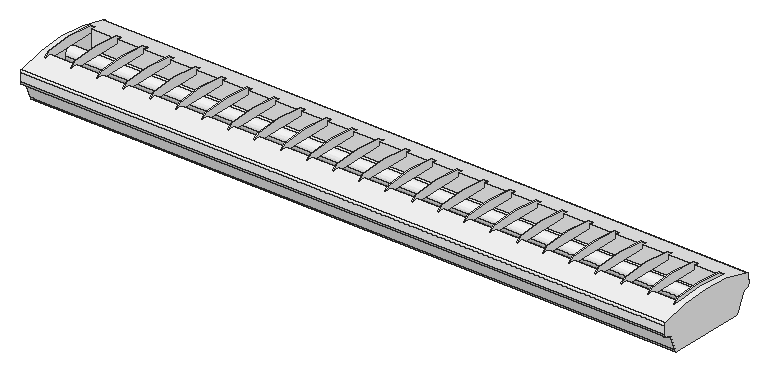
Revit family "0051680 Feilo Sylvania Lighting Fixture SYLMASTER T8 LED 1200 SO 4K Surface Mounted ", category Lighting Fixtures, host Face, Revit 2017
Family settings
  Host = Face
  Round Connector Dimension = Use Diameter
  Part Type = Normal
  OmniClass Number = 23.80.70.00
  OmniClass Title = Lighting
  Cut with Voids When Loaded = No
  Light Source = Yes
  Shared = No
  Room Calculation Point = No
Parameters (values of type "0051680 SYLMASTER T8 LED 1200 SO 4K")
  WidthVoid_FEILO = 100 mm
  Weight = "4.0 kg"
  Wattage Comments = ""
  Wattage = 20 W
  WarrantyStartDate [instance] = "n/a"
  WarrantyGuarantorParts = "n/a"
  WarrantyDurationUnit = "n/a"
  WarrantyDurationParts = "n/a"
  WarrantyDescription = "n/a"
  built-in parameter 1150110 = 1 (stored number, unit not read)
  Voltage = 230 V
  URL = "http://www.sylvania-lighting.com"
  TypeName = "SYLMASTER T8 LED 1200 SO 4K"
  Type Image = <None>
  Type Comments = "n/a"
  Twin_FEILO = not(Single_FEILO)  # no
  built-in parameter 1114217 = 1 (stored number, unit not read)
  Tilt Angle = -90.00°
  built-in parameter 1150109 = 1 (stored number, unit not read)
  built-in parameter 1150134 = 12
  built-in parameter 1150113 = 1 (stored number, unit not read)
  Single_FEILO = yes
  SerialNumber [instance] = "n/a"
  ReflectorSpacing_FEILO = (Length_FEILO - 30 mm) / (Array_FEILO - 1)  # 50.833 mm
  RadiusTube_FEILO = 12.7 mm
  Photometric Web File = "0051680.ies"
  Material_3_FEILO = none
  PowerFactor = 0.9
  PowerConsumption = "20 W"
  NominalLength = 1250 mm
  NominalHeight = 85 mm
  NominalDepth = 202 mm
  Name = "SYLMASTER T8 LED 1200 SO 4K"
  ModelReference = Name  # "SYLMASTER T8 LED 1200 SO 4K"
  ModelNumber = "0051680"
  Model = Name  # "SYLMASTER T8 LED 1200 SO 4K"
  Material = "steel housing"
  ManufacturerName = "Feilo Sylvania"
  Manufacturer = "Feilo Sylvania"
  LuminousEfficacy = "76 lm/W"
  built-in parameter 1150105 = 633.2 (stored number, unit not read)
  Lumens = 1520 lm
  LuminaireType = ""
  built-in parameter 1150115 = 1 (stored number, unit not read)
  LightOutputRatio = "71"
  built-in parameter 1150137 = (empty or 0)
  built-in parameter 1150139 = (empty or 0)
  Length_FEILO = 1250 mm
  LampsType = Lamp  # "LED"
  LampNominalLuminous = "1520 lm"
  LampMacAdamStep = "6"
  LampColourTemperature = "4000 K"
  LampColourRenderingIndex = "80"
  built-in parameter 1150112 = 1 (stored number, unit not read)
  built-in parameter 1150114 = 1 (stored number, unit not read)
  Lamp = "LED"
  Keynote = "16500"
  InstallationDate [instance] = "n/a"
  InputVoltage = "220-240V~"
  InputNominalFrequency = "50/60 Hz"
  built-in parameter 1150132 = (empty or 0)
  built-in parameter 1150102 = (empty or 0)
  built-in parameter 1150107 = 4000 (stored number, unit not read)
  built-in parameter 1150138 = (empty or 0)
  IngressProtection = "IP20"
  ImpactProtectionIndex = "IK02"
  built-in parameter 1150106 = 6.332 (stored number, unit not read)
  IfcExportType = "IfcLightFixtureType"
  IfcExportAs = "IfcLightFixtureType"
  ExpectedLife = 50000
  Emit from Rectangle Width = WidthVoid_FEILO  # 100 mm
  Emit from Rectangle Length = Length_FEILO - 30 mm  # 1220 mm
  Emit Shape Visible in Rendering = no
  ElectricShockClassification = "Class I"
  built-in parameter 1150104 = 7.0606 (stored number, unit not read)
  DurationUnit = "hours"
  DocumentationLiterature = "http://www.sylvania-lighting.com/product/en-int/products/0051680"
  DimmingControlOptions = "Non dimmable"
  Material_2_FEILO = LEDTube-Sylvania-Sylmaster
  Dimming Lamp Color Temperature Shift = <None>
  Description = "SYLMASTER T8 LED 1200 SO 4K is a surface mount / pendant luminaire supplied with ToLEDo T8 20W 840 LED Tube."
  Default Elevation = 1219.2 mm
  CreatedOn = "2/19/2018"
  CreatedBy = ""
  Cost = 0
  Color Filter = 16777215
  built-in parameter 1114216 [instance] = (empty or 0)
  ClassificationValue = "EF_70_80"
  ClassificationName = "Uniclass2015"
  Material_1_FEILO = Body-Sylvania-Sylmaster-White
  BarCode [instance] = "n/a"
  built-in parameter 1114218 = 1 (stored number, unit not read)
  built-in parameter 1150133 = 10 (stored number, unit not read)
  AssetType = "Fixed"
  AssetIdentifier [instance] = "n/a"
  Assembly Code = "D5020200"
  Array_FEILO = if(Length_FEILO = 1250 mm, 25, 35)  # 25
  Apparent Load = 20 VA
  Material_4_FEILO = none
Reference planes
  plane 1 "Center (Front/Back)": y = 0
  plane 2: z = 0
  plane 3 "Center (Left/Right)": x = 0
  plane 4: y = 101
  plane 5: y = -101
  plane 6: z = 0
  plane 7: z = 85
  plane 8: z = 61
  plane 9: z = 45
  plane 10: z = 7
  plane 11: z = 68
  plane 12: y = -89
  plane 13: y = -75
  plane 14: y = -30
  plane 15: y = 30
  plane 16: y = 89
  plane 17: y = 75
  plane 18: z = 42
  plane 19: x = -625
  plane 20: x = 625
  plane 21: x = -500
  plane 22: x = 500
  plane 23: y = -23
  plane 24: y = 23
  plane 25: x = -480
  plane 26: x = -520
  plane 27: x = 480
  plane 28: x = 520
  plane 29: x = -513
  plane 30: x = -487
  plane 31: x = 487
  plane 32: x = 513
  plane 33: y = 50
  plane 34: y = -50
  plane 35: x = 610
  plane 36: x = -610
  plane 37: y = 33
  plane 38: z = 44.6
  plane 39: x = -559.167
  plane 40: z = 22
  plane 41: z = -22
Forms (mm)
  Extrusion 1, solid, material "Body-Sylvania-Sylmaster-White" <- "Material_1_FEILO", detail levels medium+fine
    sketch origin (0, 0, 0) x (0, 1, 0) y (0, 0, 1)
      loop
        arc (-98.274, 68.93) -> (-100.248, 67.473) -> (-101, 65.138) r 4
        line (-101, 65.138) -> (-101, 48.904)
        arc (-101, 48.904) -> (-99.941, 45.827) -> (-97.213, 44.053) r 5
        line (-97.213, 44.053) -> (-93.96, 43.24)
        arc (-93.96, 43.24) -> (-89.81, 41.072) -> (-87.101, 37.253) r 10
        line (-87.101, 37.253) -> (-76.76, 11.4)
        arc (-76.76, 11.4) -> (-74.185, 8.204) -> (-70.261, 7) r 7
        line (-70.261, 7) -> (70.261, 7)
        arc (70.261, 7) -> (74.185, 8.204) -> (76.76, 11.4) r 7
        line (76.76, 11.4) -> (87.101, 37.253)
        arc (87.101, 37.253) -> (89.81, 41.072) -> (93.96, 43.24) r 10
        line (93.96, 43.24) -> (97.213, 44.053)
        arc (97.213, 44.053) -> (99.941, 45.827) -> (101, 48.904) r 5
        line (101, 48.904) -> (101, 65.138)
        arc (101, 65.138) -> (100.248, 67.473) -> (98.274, 68.93) r 4
        arc (98.274, 68.93) -> (0, 85) -> (-98.274, 68.93) r 308.529
    from -625 to 625
  Blend 2, solid, material "Body-Sylvania-Sylmaster-White" <- "Material_1_FEILO"
    base sketch origin (0, 1219.2, 7) x (1, 0, 0) y (0, 1, 0)
      loop
        line (-520, -1189.2) -> (-520, -1249.2) -> (-480, -1249.2) -> (-480, -1189.2) -> (-520, -1189.2)
    top sketch origin (0, 1219.2, 7) x (1, 0, 0) y (0, 1, 0)
      loop
        line (-513, -1196.2) -> (-513, -1242.2) -> (-487, -1242.2) -> (-487, -1196.2) -> (-513, -1196.2)
    from 0 to -7
  Blend 3, solid, material "Body-Sylvania-Sylmaster-White" <- "Material_1_FEILO"
    base sketch origin (0, 1219.2, 7) x (1, 0, 0) y (0, 1, 0)
      loop
        line (480, -1189.2) -> (480, -1249.2) -> (520, -1249.2) -> (520, -1189.2) -> (480, -1189.2)
    top sketch origin (0, 1219.2, 7) x (1, 0, 0) y (0, 1, 0)
      loop
        line (487, -1196.2) -> (487, -1242.2) -> (513, -1242.2) -> (513, -1196.2) -> (487, -1196.2)
    from 0 to -7
  Extrusion 4, void
    sketch origin (0, 0, 0) x (0, 1, 0) y (0, 0, 1)
      loop
        line (-50, 85) -> (-50, 45) -> (50, 45) -> (50, 85) -> (-50, 85)
    from -610 to 610
  Extrusion 5, solid, material "LEDTube-Sylvania-Sylmaster" <- "Material_2_FEILO", visible <- "Single_FEILO", detail levels medium+fine
    sketch origin (0, 0, 0) x (0, 1, 0) y (0, 0, 1)
      loop
        circle (0, 61) r 12.7
    from -610 to 610
  Extrusion 6, solid, material "LEDTube-Sylvania-Sylmaster" <- "Material_2_FEILO", visible <- "Twin_FEILO", detail levels medium+fine
    sketch origin (0, 0, 0) x (0, 1, 0) y (0, 0, 1)
      loop
        circle (-23, 61) r 12.7
      loop
        circle (23, 61) r 12.7
    from -610 to 610
  Extrusion 7, solid, material "Body-Sylvania-Sylmaster-White" <- "Material_1_FEILO", detail levels coarse
    sketch origin (0, 0, 0) x (0, 1, 0) y (0, 0, 1)
      loop
        arc (-98.274, 68.93) -> (-100.248, 67.473) -> (-101, 65.138) r 4
        line (-101, 65.138) -> (-101, 48.904)
        arc (-101, 48.904) -> (-99.941, 45.827) -> (-97.213, 44.053) r 5
        line (-97.213, 44.053) -> (-93.96, 43.24)
        arc (-93.96, 43.24) -> (-89.81, 41.072) -> (-87.101, 37.253) r 10
        line (-87.101, 37.253) -> (-76.76, 11.4)
        arc (-76.76, 11.4) -> (-74.185, 8.204) -> (-70.261, 7) r 7
        line (-70.261, 7) -> (70.261, 7)
        arc (70.261, 7) -> (74.185, 8.204) -> (76.76, 11.4) r 7
        line (76.76, 11.4) -> (87.101, 37.253)
        arc (87.101, 37.253) -> (89.81, 41.072) -> (93.96, 43.24) r 10
        line (93.96, 43.24) -> (97.213, 44.053)
        arc (97.213, 44.053) -> (99.941, 45.827) -> (101, 48.904) r 5
        line (101, 48.904) -> (101, 65.138)
        arc (101, 65.138) -> (100.248, 67.473) -> (98.274, 68.93) r 4
        arc (98.274, 68.93) -> (0, 85) -> (-98.274, 68.93) r 308.529
    from -625 to 625
Cuts and joins
  Extrusion 4 cuts Extrusion 1
Lines and regions (mm)
  reference lines
    curve 1: line (0, -101, 45) -> (0, -89, 42)
    curve 2: line (0, -89, 42) -> (0, -75, 7)
    curve 3: line (0, 101, 45) -> (0, 89, 42)
    curve 4: line (0, 89, 42) -> (0, 75, 7)
Dimensions and locks
  equal spacing: plane 5, plane 1 "Center (Front/Back)", plane 4
  locked: plane 5 to plane 4 at 202
  locked: plane 6 to plane 7 at 85
  plane 8 to plane 7 = 24 mm
  locked: plane 9 to plane 7 at 40
  locked: plane 6 to plane 10 at 7
  locked: plane 8 to plane 11 at 7
  equal spacing: plane 13, plane 1 "Center (Front/Back)", plane 17
  equal spacing: plane 14, plane 1 "Center (Front/Back)", plane 15
  equal spacing: plane 12, plane 1 "Center (Front/Back)", plane 16
  locked: plane 13 to plane 17 at 150
  locked: plane 12 to plane 16 at 178
  locked: plane 18 to plane 9 at 3
  locked: Extrusion 1 sketch curve to plane 7 at 308.529
  Extrusion 1 sketch curve to plane 1 "Center (Front/Back)" to Extrusion 1 sketch curve = 97 mm locked, 97 mm locked
  Extrusion 1 sketch curve to plane 1 "Center (Front/Back)" to Extrusion 1 sketch curve = 96 mm locked, 96 mm locked
  equal spacing: plane 19, plane 3 "Center (Left/Right)", plane 20
  "Length_FEILO": plane 19 to plane 20
  Extrusion 1 sketch curve to plane 1 "Center (Front/Back)" to Extrusion 1 sketch curve = 70.261 mm locked, 70.261 mm locked
  Extrusion 1 sketch curve to plane 1 "Center (Front/Back)" to Extrusion 1 sketch curve = 96.386 mm locked, 96.386 mm locked
  Extrusion 1 sketch curve to Extrusion 1 sketch curve to Extrusion 1 sketch curve to Extrusion 1 sketch curve to plane 7 = 19.539 mm locked, 15.365 mm locked, 16.235 mm locked, 19.862 mm locked  (x2)
  equal spacing: plane 21, plane 3 "Center (Left/Right)", plane 22
  locked: plane 21 to plane 22 at 1000
  equal spacing: plane 23, plane 1 "Center (Front/Back)", plane 24
  locked: plane 14 to plane 23 at 7
  locked: plane 14 to plane 1 "Center (Front/Back)" at 30
  equal spacing: plane 26, plane 21, plane 25, locked at 20 each
  equal spacing: plane 27, plane 22, plane 28, locked at 20 each
  locked: plane 26 to plane 21 at 20
  locked: plane 27 to plane 22 at 20
  equal spacing: plane 29, plane 21, plane 30
  locked: plane 26 to plane 29 at 7
  equal spacing: plane 31, plane 22, plane 32
  locked: plane 27 to plane 31 at 7
  equal spacing: plane 36, plane 3 "Center (Left/Right)", plane 35
  locked: plane 19 to plane 36 at 15
  plane 1 "Center (Front/Back)" to plane 37 = 33 mm
  equal spacing: plane 34, plane 1 "Center (Front/Back)", plane 33
  "WidthVoid_FEILO": plane 34 to plane 33
  locked: plane 38 to plane 7 at 40.4
  "ReflectorSpacing_FEILO": plane 36 to plane 39
  equal spacing: group 1, group 2, group 3, group 4, group 5, group 6, group 7, group 8, group 9, group 10, group 11, group 12, group 13, group 14, group 15, group 16, group 17, group 18, group 19, group 20, group 21, group 22, group 23, group 24, group 25  (x3)
  locked: plane 6 to plane 41 at 22
  locked: plane 40 to host face at 22
  "RadiusTube_FEILO": radius of Extrusion 5 sketch curve
  aligned and locked: plane 2 to host face
  aligned and locked: level to host face
  aligned and locked: plane 5 to curve 1
  aligned and locked: plane 12 to curve 1
  aligned and locked: plane 13 to curve 2
  aligned and locked: plane 4 to curve 3
  aligned and locked: plane 16 to curve 3
  aligned and locked: plane 17 to curve 4
  aligned and locked: plane 5 to Extrusion 1 sketch curve
  aligned and locked: curve 2 to Extrusion 1 sketch curve
  aligned and locked: plane 1 "Center (Front/Back)" to Extrusion 1 sketch curve
  aligned and locked: plane 20 to Extrusion 1
  aligned and locked: Extrusion 1 to plane 19
  aligned and locked: Extrusion 1 sketch curve to curve 3
  aligned and locked: curve 1 to Extrusion 1 sketch curve
  aligned and locked: Extrusion 1 sketch curve to curve 4
  aligned and locked: plane 15 to Blend 2 sketch curve
  aligned and locked: plane 26 to Blend 2 sketch curve
  aligned and locked: Blend 2 sketch curve to plane 14
  aligned and locked: Blend 2 sketch curve to plane 25
  aligned and locked: plane 24 to Blend 2 sketch curve
  aligned and locked: plane 29 to Blend 2 sketch curve
  aligned and locked: Blend 2 sketch curve to plane 23
  aligned and locked: Blend 2 sketch curve to plane 30
  aligned and locked: plane 6 to Blend 2
  aligned and locked: Blend 2 to plane 10
  aligned and locked: plane 15 to Blend 3 sketch curve
  aligned and locked: plane 27 to Blend 3 sketch curve
  aligned and locked: Blend 3 sketch curve to plane 14
  aligned and locked: Blend 3 sketch curve to plane 28
  aligned and locked: plane 24 to Blend 3 sketch curve
  aligned and locked: plane 31 to Blend 3 sketch curve
  aligned and locked: Blend 3 sketch curve to plane 23
  aligned and locked: Blend 3 sketch curve to plane 32
  aligned and locked: Blend 3 to plane 10
  aligned and locked: plane 6 to Blend 3
  aligned and locked: plane 7 to Extrusion 4 sketch curve
  aligned and locked: Extrusion 4 sketch curve to plane 34
  aligned and locked: Extrusion 4 sketch curve to plane 9
  aligned and locked: plane 33 to Extrusion 4 sketch curve
  aligned and locked: plane 35 to Extrusion 4
  aligned and locked: Extrusion 4 to plane 36
  aligned and locked: plane 1 "Center (Front/Back)" to nested 1
  aligned and locked: plane 36 to nested 1
  aligned and locked: plane 39 to nested 2
  aligned and locked: plane 1 "Center (Front/Back)" to Extrusion 5 sketch curve
  aligned and locked: plane 8 to Extrusion 5 sketch curve
  aligned and locked: plane 35 to Extrusion 5
  aligned and locked: Extrusion 5 to plane 36
  aligned and locked: plane 23 to Extrusion 6 sketch curve
  aligned and locked: plane 8 to Extrusion 6 sketch curve  (x2)
  aligned and locked: plane 24 to Extrusion 6 sketch curve
  aligned and locked: plane 35 to Extrusion 6
  aligned and locked: Extrusion 6 to plane 36
  aligned and locked: plane 3 "Center (Left/Right)" to imposter light
  aligned and locked: imposter light to plane 1 "Center (Front/Back)"
  aligned and locked: imposter light to plane 7
  aligned and locked: Extrusion 7 sketch curve to cut or joined group of Extrusion 1, Extrusion 4  (x9)
  aligned and locked: plane 20 to Extrusion 7
  aligned and locked: Extrusion 7 to plane 19
  aligned and locked: plane 6 to plane 2
Automatic sketch dimensions
  host sketch curve to host sketch curve = 2438.4 mm  (x2)
  plane 9 to Extrusion 1 sketch curve = 0.947 mm  (x2)
  Extrusion 1 sketch curve to plane 18 = 1.24 mm  (x2)
  Extrusion 1 sketch curve to plane 12 = 1.899 mm
  plane 13 to Extrusion 1 sketch curve = 1.76 mm
  Extrusion 1 sketch curve to plane 17 = 1.76 mm
  plane 16 to Extrusion 1 sketch curve = 1.899 mm
  Extrusion 1 sketch curve to Extrusion 1 sketch curve = 0 mm
  plane 10 to curve 2 = 0 mm
  plane 10 to curve 4 = 0 mm
  plane 18 to curve 2 = 0 mm
  plane 18 to curve 3 = 0 mm
  plane 9 to curve 1 = 0 mm
  plane 9 to curve 3 = 0 mm
  plane 38 to Extrusion 7 sketch curve = 0.547 mm  (x2)
  Extrusion 7 sketch curve to plane 18 = 1.24 mm  (x2)
  Extrusion 7 sketch curve to plane 12 = 1.899 mm
  plane 13 to Extrusion 7 sketch curve = 1.76 mm
  Extrusion 7 sketch curve to plane 17 = 1.76 mm
  plane 16 to Extrusion 7 sketch curve = 1.899 mm
  radius of Extrusion 6 sketch curve = 12.7 mm  (x2)
Nested families
  nested 1: "Sylmaster reflector" at (-610, 0, 44.6), type "Type Name", detail levels medium+fine
    with WidthVoid_FEILO 100 mm
  nested 2: "Sylmaster reflector" at (-559.167, 0, 44.6), type "Type Name", detail levels medium+fine
    with WidthVoid_FEILO 100 mm
  nested 3: "Sylmaster reflector" at (-508.333, 0, 44.6), type "Type Name", detail levels medium+fine
    with WidthVoid_FEILO 100 mm
  nested 4: "Sylmaster reflector" at (-457.5, 0, 44.6), type "Type Name", detail levels medium+fine
    with WidthVoid_FEILO 100 mm
  nested 5: "Sylmaster reflector" at (-406.667, 0, 44.6), type "Type Name", detail levels medium+fine
    with WidthVoid_FEILO 100 mm
  nested 6: "Sylmaster reflector" at (-355.833, 0, 44.6), type "Type Name", detail levels medium+fine
    with WidthVoid_FEILO 100 mm
  nested 7: "Sylmaster reflector" at (-305, 0, 44.6), type "Type Name", detail levels medium+fine
    with WidthVoid_FEILO 100 mm
  nested 8: "Sylmaster reflector" at (-254.167, 0, 44.6), type "Type Name", detail levels medium+fine
    with WidthVoid_FEILO 100 mm
  nested 9: "Sylmaster reflector" at (-203.333, 0, 44.6), type "Type Name", detail levels medium+fine
    with WidthVoid_FEILO 100 mm
  nested 10: "Sylmaster reflector" at (-152.5, 0, 44.6), type "Type Name", detail levels medium+fine
    with WidthVoid_FEILO 100 mm
  nested 11: "Sylmaster reflector" at (-101.667, 0, 44.6), type "Type Name", detail levels medium+fine
    with WidthVoid_FEILO 100 mm
  nested 12: "Sylmaster reflector" at (-50.833, 0, 44.6), type "Type Name", detail levels medium+fine
    with WidthVoid_FEILO 100 mm
  nested 13: "Sylmaster reflector" at (0, 0, 44.6), type "Type Name", detail levels medium+fine
    with WidthVoid_FEILO 100 mm
  nested 14: "Sylmaster reflector" at (50.833, 0, 44.6), type "Type Name", detail levels medium+fine
    with WidthVoid_FEILO 100 mm
  nested 15: "Sylmaster reflector" at (101.667, 0, 44.6), type "Type Name", detail levels medium+fine
    with WidthVoid_FEILO 100 mm
  nested 16: "Sylmaster reflector" at (152.5, 0, 44.6), type "Type Name", detail levels medium+fine
    with WidthVoid_FEILO 100 mm
  nested 17: "Sylmaster reflector" at (203.333, 0, 44.6), type "Type Name", detail levels medium+fine
    with WidthVoid_FEILO 100 mm
  nested 18: "Sylmaster reflector" at (254.167, 0, 44.6), type "Type Name", detail levels medium+fine
    with WidthVoid_FEILO 100 mm
  nested 19: "Sylmaster reflector" at (305, 0, 44.6), type "Type Name", detail levels medium+fine
    with WidthVoid_FEILO 100 mm
  nested 20: "Sylmaster reflector" at (355.833, 0, 44.6), type "Type Name", detail levels medium+fine
    with WidthVoid_FEILO 100 mm
  nested 21: "Sylmaster reflector" at (406.667, 0, 44.6), type "Type Name", detail levels medium+fine
    with WidthVoid_FEILO 100 mm
  nested 22: "Sylmaster reflector" at (457.5, 0, 44.6), type "Type Name", detail levels medium+fine
    with WidthVoid_FEILO 100 mm
  nested 23: "Sylmaster reflector" at (508.333, 0, 44.6), type "Type Name", detail levels medium+fine
    with WidthVoid_FEILO 100 mm
  nested 24: "Sylmaster reflector" at (559.167, 0, 44.6), type "Type Name", detail levels medium+fine
    with WidthVoid_FEILO 100 mm
  nested 25: "Sylmaster reflector" at (610, 0, 44.6), type "Type Name", detail levels medium+fine
    with WidthVoid_FEILO 100 mm
Connectors
  electrical at (0, 0, 0), driven by "Apparent Load", driven by "PowerFactor", driven by "Voltage"
    settings: index 1, voltage 230 V, apparent load 20 VA, apparent load phase1 0 VA, apparent load phase2 0 VA, apparent load phase3 0 VA, power factor 0.9, load classification "Lighting", number of poles 1, system type 30, power factor state 1, is connector primary yes, connector utility no, sub classification motor no, connector description ""
Definition of nested family "Sylmaster reflector"
  Parameters (values of type "Type Name")
    WidthVoid_FEILO = 146 mm
    URL = "http://www.feilosylvania.com"
    Type Image = (empty or 0)
    Type Comments = "n/a"
    RadiusReflectorOuter_FEILO = 303.809 mm
    RadiusReflectorInner_FEILO = 307.458 mm
    Material_3_FEILO = none
    Model = ""
    Manufacturer = "Feilo Sylvania"
    Keynote = "16500"
    Material_2_FEILO = none
    Description = ""
    Default Elevation = 1219.2 mm
    Cost = 0
    Material_1_FEILO = none
    Assembly Code = "D5020200"
    Material_4_FEILO = none
  Reference planes
    plane 1 "Center (Front/Back)": y = 0
    plane 2: z = 28.4
    plane 3 "Center (Left/Right)": x = 0
    plane 4: y = 101
    plane 5: y = -101
    plane 6: z = 28.4
    plane 7: z = 23.4
    plane 8: x = -775
    plane 9: x = 775
    plane 10: x = -500
    plane 11: x = 500
    plane 12: x = -480
    plane 13: x = -520
    plane 14: x = 480
    plane 15: x = 520
    plane 16: x = -513
    plane 17: x = -487
    plane 18: x = 487
    plane 19: x = 513
    plane 20: y = 73
    plane 21: y = -73
    plane 22: x = 760
    plane 23: x = -760
    plane 24: y = -83
    plane 25: y = 83
    plane 26: z = 28.4
    plane 27: x = 1
    plane 28: x = -1
  Forms (mm)
    Extrusion 1, solid
      sketch origin (4.2, 0, 28.4) x (1, 0, 0) y (0, 1, 0)
        loop
          line (-1219.2, 1219.2) -> (-1219.2, -1219.2) -> (1219.2, -1219.2) -> (1219.2, 1219.2) -> (-1219.2, 1219.2)
      from 0 to -68.017
    Extrusion 2, solid, material <- "Material_1_FEILO"
      sketch origin (0, 0, 0) x (0, 1, 0) y (0, 0, 1)
        loop
          arc (-83, 29.048) -> (-78.011, 30.401) -> (-73, 31.671) r 307.458
          line (-73, 31.671) -> (-73, 28.4) -> (73, 28.4) -> (73, 31.671)
          arc (73, 31.671) -> (78.011, 30.401) -> (83, 29.048) r 307.458
          line (83, 29.048) -> (73, 36.779)
          arc (73, 36.779) -> (0, 45.68) -> (-73, 36.779) r 303.809
          line (-73, 36.779) -> (-83, 29.048)
      from 1 to -1
  Lines and regions (mm)
    reference lines
      curve 1: arc (0, -101, 28.4) -> (0, 0, 45.68) -> (0, 101, 28.4) r 303.809
      curve 2: arc (0, -101, 23.4) -> (0, 0, 40.463) -> (0, 101, 23.4) r 307.458
  Dimensions and locks
    equal spacing: plane 5, plane 1 "Center (Front/Back)", plane 4
    locked: plane 5 to plane 4 at 202
    equal spacing: plane 8, plane 3 "Center (Left/Right)", plane 9
    locked: plane 8 to plane 9 at 1550
    equal spacing: plane 10, plane 3 "Center (Left/Right)", plane 11
    locked: plane 10 to plane 11 at 1000
    equal spacing: plane 13, plane 10, plane 12, locked at 20 each
    equal spacing: plane 14, plane 11, plane 15, locked at 20 each
    locked: plane 13 to plane 10 at 20
    locked: plane 14 to plane 11 at 20
    equal spacing: plane 16, plane 10, plane 17
    locked: plane 13 to plane 16 at 7
    equal spacing: plane 18, plane 11, plane 19
    locked: plane 14 to plane 18 at 7
    equal spacing: plane 23, plane 3 "Center (Left/Right)", plane 22
    locked: plane 8 to plane 23 at 15
    equal spacing: plane 21, plane 1 "Center (Front/Back)", plane 20
    "WidthVoid_FEILO": plane 21 to plane 20
    equal spacing: plane 24, plane 1 "Center (Front/Back)", plane 25
    locked: plane 24 to plane 21 at 10
    locked: plane 7 to plane 26 at 5
    plane 28 to plane 3 "Center (Left/Right)" to plane 27 = 1 mm locked, 1 mm locked
    "RadiusReflectorInner_FEILO": radius of curve 2
    "RadiusReflectorOuter_FEILO": radius of curve 1
    aligned and locked: plane 2 to Extrusion 1
    aligned and locked: level to Extrusion 1
    aligned and locked: plane 5 to curve 1
    aligned and locked: plane 26 to curve 1  (x2)
    aligned and locked: plane 4 to curve 1
    aligned and locked: plane 4 to curve 2
    aligned and locked: plane 7 to curve 2  (x2)
    aligned and locked: plane 5 to curve 2
    aligned and locked: Extrusion 2 to plane 28
    aligned and locked: plane 27 to Extrusion 2
    aligned and locked: Extrusion 2 sketch curve to curve 2  (x2)
    aligned and locked: Extrusion 2 sketch curve to curve 1
    aligned and locked: plane 26 to Extrusion 2 sketch curve
    aligned and locked: Extrusion 2 sketch curve to plane 20
    aligned and locked: plane 21 to Extrusion 2 sketch curve  (x3)
    aligned and locked: plane 24 to Extrusion 2 sketch curve
    aligned and locked: plane 20 to Extrusion 2 sketch curve
    aligned and locked: plane 25 to Extrusion 2 sketch curve
    aligned and locked: plane 26 to plane 6
    aligned and locked: level to plane 26
  Automatic sketch dimensions
    Extrusion 1 sketch curve to Extrusion 1 sketch curve = 2438.4 mm  (x2)
